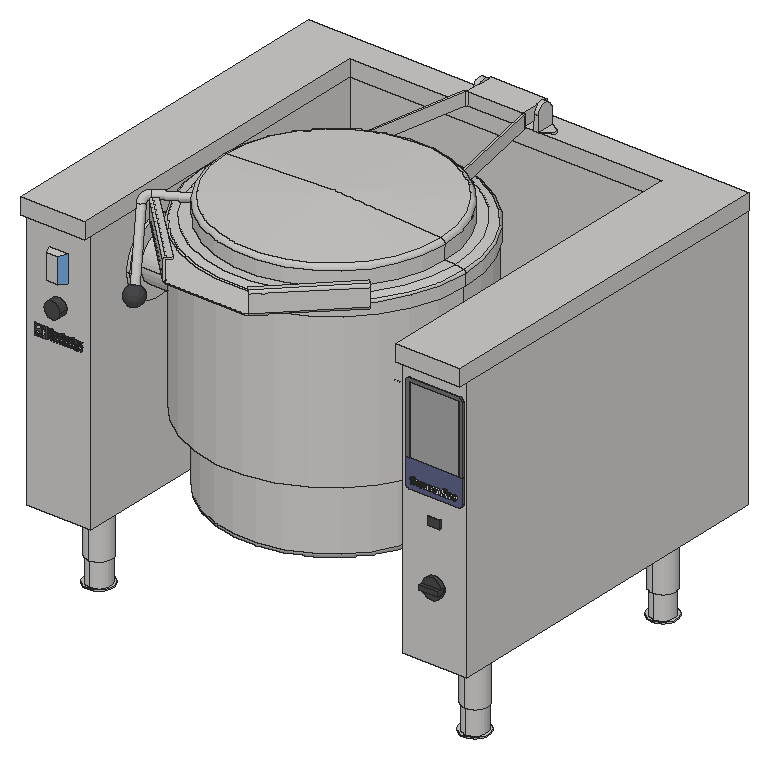
Revit family "QF_ELECTROLUXPROFESSIONAL_587156_PBOT06RCIO", category Attrezzature speciali, Revit 2020
Family settings
  Quota connettore circolare = Usa diametro
  Tipo di parte = Normale
  Basato su piano di lavoro = No
  Sempre verticale = Sì
  Taglio con vuoti quando caricato = No
  Condiviso = No
  Punto di calcolo locali = No
Parameters (values of type "Standard")
  Weight = 200.00 kg
  Watts = 12500 W
  Volts = 440 V
  URL Manufacturer = "https://www.electroluxprofessional.com/"
  URL = "https://www.electroluxprofessional.com/"
  Steam Supply Size = 0 mm
  Steam Supply Minimum Pressure = 0.0 Pa
  Steam Supply Maximum Pressure = 0.0 Pa
  Steam Consumption per Hour = 0
  Refrigeration Suction Line Size = 0.0 mm
  Refrigeration Liquid Line Size = 0.0 mm
  Refrigerant Compressor Remote = yes
  Prospetto di default = 0.0 mm
  Produttore = "Electrolux Professional"
  Phase = 3
  Modello = "PBOT06RCIO"
  Length Actual = 1100.0 mm  # constant formula
  Item Number = "587156"
  Hot Water Size = 12.7 mm
  Height Actual = 700.0 mm  # constant formula
  HP = "16.8 HP"
  Gas Size = 0 mm
  Gas KW = 0
  Gas Input Pressure = 0 W
  Direct Waste Size = 0 mm
  Descrizione = "ELECTRIC BOILING PAN, PREARR. FOR STIRRER, TILTING,60LT,FS,440V,MARINE"
  Depth Actual = 900.0 mm  # constant formula
  Cycle = 50 Hz
  Condensate Return Size = 0 mm
  Compressed Air Volume = 0.0 L/s
  Compressed Air Size = 0 mm
  Compressed Air Pressure = 0.0 Pa
  Cold Water Size = 12.7 mm
  Accessory = yes
Reference planes
  plane 1 "Center (Front/Back)": y = 0
  plane 2: z = 0
  plane 3 "Center (Left/Right)": x = 0
  plane 4 "LEFT": x = -550
  plane 5 "RIGHT": x = 550
  plane 6 "BACK": y = 450
  plane 7 "FRONT": y = -450
  plane 8 "Base": z = 200
  plane 9 "TOP": z = 900
  plane 10: x = -390
  plane 11: x = 390
  plane 12 "Axe_PentolaY": y = -230
  plane 13 "AxePentolaZ": z = 730
  plane 14 "PLANE_TOP": z = 860
  plane 15: y = 380
  plane 16: x = -324.5
  plane 17: z = 880
  plane 18: z = 495
  plane 19: z = 295
  plane 20: x = -278.5
  plane 21: y = -558
  plane 22 "CentroPentolaY": y = -158
  plane 23 "TopCoperchio": z = 981
  plane 24 "Versamento": z = 910
  plane 25 "V1": through (-107.18, -558, 4000) normal (-0.7071, -0.7071, 0)
  plane 26 "V2": through (107.18, -558, 4000) normal (-0.7071, 0.7071, 0)
  plane 27 "Gfront": y = -1300
  plane 28 "LEVEL": through (-245.562, -289.383, 4000) normal (0.866, 0.5, 0)
  plane 29 "GRight": x = 250
  plane 30 "GLeft": x = -250
  plane 31 "Gback": y = -100
  plane 32: z = 1756
  plane 33 "Ribaltamento": y = -623
  plane 34: x = -470
  plane 35: x = 470
Forms (mm)
  Revolve 1, solid, material "QF_Finishes_Stainless Steel"
    sketch origin (0, 0, 730) x (-1, 0, 0) y (0, -1, 0)
      loop
        line (390, 230) -> (-390, 230) -> (-390, 140) -> (-380, 140) -> (-380, 173) -> (380, 173) -> (380, 140) -> (390, 140) -> (390, 230)
      axis (390, 230) -> (-390, 230)
    angle from 0 to 360
  Extrusion 2, solid, material "QF_Finishes_Stainless Steel"
    sketch origin (0, 0, 860) x (-1, 0, 0) y (0, -1, 0)
      loop
        line (550, 450) -> (390, 450) -> (390, -380) -> (-390, -380) -> (-390, 450) -> (-550, 450) -> (-550, -450) -> (550, -450) -> (550, 450)
    from 0 to 40
  Extrusion 3, solid, material "QF_Finishes_Stainless Steel"
    sketch origin (0, 0, 860) x (-1, 0, 0) y (0, -1, 0)
      loop
        line (390, -380) -> (-390, -380) -> (-390, -450) -> (390, -450) -> (390, -380)
    from 0 to -360
  Revolve 4, solid, material "QF_Finishes_Stainless Steel"
    sketch origin (0, -158, 0) x (-1, 0, 0) y (0, 0, 1)
      loop
        line (0, 880) -> (0, 295)
        arc (0, 295) -> (134.311, 298.607) -> (268.234, 309.425) r 2500
        arc (268.234, 309.425) -> (275.557, 313.176) -> (278.5, 320.859) r 11.5
        line (278.5, 320.859) -> (278.5, 495) -> (324.5, 495) -> (324.5, 880) -> (0, 880)
      axis (0, 880) -> (0, 295)
    angle from 0 to 360
  Revolve 5, solid, material "QF_Finishes_Stainless Steel"
    sketch origin (0, -158, 0) x (-1, 0, 0) y (0, 0, 1)
      loop
        line (329.5, 880) -> (329.5, 908.417)
        arc (329.5, 908.417) -> (328.283, 912.04) -> (325.126, 914.193) r 6
        line (325.126, 914.193) -> (304.5, 920) -> (278.5, 920) -> (278.5, 954.728)
        arc (278.5, 954.728) -> (275.569, 962.398) -> (268.269, 966.158) r 11.5
        arc (268.269, 966.158) -> (134.339, 977.287) -> (0, 981) r 2431.82
        line (0, 981) -> (0, 880) -> (329.5, 880)
      axis (0, 981) -> (0, 880)
    angle from 0 to 360
  Extrusion 6, solid, material "QF_Finishes_Stainless Steel"
    sketch origin (0, 0, 910) x (-1, 0, 0) y (0, -1, 0)
      loop
        line (252.412, 369.799) -> (271.162, 385.532) -> (98.694, 558) -> (-98.694, 558) -> (-102.937, 553.757) -> (-271.162, 385.532) -> (-252.412, 369.799)
        arc (-252.412, 369.799) -> (0, 487.5) -> (252.412, 369.799) r 329.5
    from 0 to 3
  Sweep 7, solid, material "QF_Finishes_Stainless Steel"
    path origin (0, 0, 910) x (-1, 0, 0) y (0, -1, 0)
      loop
        line (107.18, 558) -> (275.776, 389.404)
    profile origin (-191.478, -473.702, 910) x (-0.707107, -0.707107, 0) y (0, 0, 1)
      loop
        arc (-6, 0) -> (-1.757, 1.757) -> (0, 6) r 6
        line (0, 6) -> (0, 50)
        arc (0, 50) -> (-1.757, 54.243) -> (-6, 56) r 6
        line (-6, 56) -> (-19, 56) -> (-19, 53) -> (-6, 53)
        arc (-6, 53) -> (-3.879, 52.121) -> (-3, 50) r 3
        line (-3, 50) -> (-3, 6)
        arc (-3, 6) -> (-3.879, 3.879) -> (-6, 3) r 3
        line (-6, 3) -> (-19, 3) -> (-19, 0) -> (-6, 0)
  Sweep 8, solid, material "QF_Finishes_Stainless Steel"
    path origin (0, 0, 910) x (-1, 0, 0) y (0, -1, 0)
      loop
        line (-107.18, 558) -> (-275.776, 389.404)
    profile origin (191.478, -473.702, 910) x (-0.707107, 0.707107, 0) y (0, 0, 1)
      loop
        arc (0, 6) -> (1.757, 1.757) -> (6, 0) r 6
        line (6, 0) -> (19, 0) -> (19, 3) -> (6, 3)
        arc (6, 3) -> (3.879, 3.879) -> (3, 6) r 3
        line (3, 6) -> (3, 50)
        arc (3, 50) -> (3.879, 52.121) -> (6, 53) r 3
        line (6, 53) -> (19, 53) -> (19, 56) -> (6, 56)
        arc (6, 56) -> (1.757, 54.243) -> (0, 50) r 6
        line (0, 50) -> (0, 6)
  Extrusion 9, solid, material "QF_Finishes_Stainless Steel"
    sketch origin (0, 0, 0) x (0, 1, 0) y (0, 0, 1)
      loop
        line (420, 900) -> (420, 938.813)
        arc (420, 938.813) -> (400, 958.813) -> (380, 938.813) r 20
        line (380, 938.813) -> (380, 900) -> (420, 900)
    from -70 to -82
  Extrusion 10, solid, material "QF_Finishes_Stainless Steel"
    sketch origin (0, 0, 900) x (0, 1, 0) y (-1, 0, 0)
      loop
        arc (340.954, 71.665) -> (343.858, 69.937) -> (345, 66.757) r 5
        line (345, 66.757) -> (345, -66.757)
        arc (345, -66.757) -> (343.858, -69.937) -> (340.954, -71.665) r 5
        line (340.954, -71.665) -> (93.426, -119.779)
        arc (93.426, -119.779) -> (92.062, -122.602) -> (90.666, -125.409) r 278.5
        line (90.666, -125.409) -> (341.908, -76.573)
        arc (341.908, -76.573) -> (346.566, -74.299) -> (349.459, -70) r 10
        line (349.459, -70) -> (420, -70) -> (420, 70) -> (349.459, 70)
        arc (349.459, 70) -> (346.566, 74.299) -> (341.908, 76.573) r 10
        line (341.908, 76.573) -> (90.666, 125.409)
        arc (90.666, 125.409) -> (92.062, 122.602) -> (93.426, 119.779) r 278.5
        line (93.426, 119.779) -> (340.954, 71.665)
    from 23.419 to 54.644
  Extrusion 11, solid, material "QF_Finishes_Stainless Steel"
    sketch origin (0, 0, 0) x (0, 1, 0) y (0, 0, 1)
      loop
        line (420, 900) -> (420, 938.813)
        arc (420, 938.813) -> (400, 958.813) -> (380, 938.813) r 20
        line (380, 938.813) -> (380, 900) -> (420, 900)
    from 70 to 82
  Extrusion 12, solid, material "QF_Finishes_Stainless Steel"
    sketch origin (0, 0, 900) x (0, 1, 0) y (-1, 0, 0)
      loop
        arc (391.973, -103.927) -> (400, -108.689) -> (408.027, -103.927) r 9.146
        line (408.027, -103.927) -> (420, -82) -> (380, -82) -> (391.973, -103.927)
      loop
        line (391.973, 103.927) -> (380, 82) -> (420, 82) -> (408.027, 103.927)
        arc (408.027, 103.927) -> (400, 108.689) -> (391.973, 103.927) r 9.146
    from 0 to 3
  Extrusion 13, solid, material "QF_Door-Drawer Clearances", detail levels coarse
    sketch origin (0, 0, 0) x (0, 1, 0) y (0, 0, 1)
      loop
        line (420, 954.644) -> (-100, 1756.433)
        arc (-100, 1756.433) -> (-429.239, 1419.298) -> (-558, 966) r 958.386
        line (-558, 966) -> (-427.491, 966)
        arc (-427.491, 966) -> (-426.775, 966.163) -> (-426.05, 966.281) r 12.073
        arc (-426.05, 966.281) -> (-158, 981) -> (110.05, 966.281) r 2448.189
        arc (110.05, 966.281) -> (117.432, 962.392) -> (120.529, 954.644) r 12.073
        line (120.529, 954.644) -> (420, 954.644)
    from -125 to 125
  Extrusion 14, solid, material "QF_Door-Drawer Clearances", detail levels coarse
    sketch origin (0, 0, 0) x (0, 1, 0) y (0, 0, 1)
      loop
        arc (-558, 946.483) -> (-618.885, 673.279) -> (-482.5, 428.848) r 393
        line (-482.5, 428.848) -> (-482.5, 880) -> (-487.5, 880) -> (-487.5, 910) -> (-553.757, 910)
        spline (-553.757, 910) -> (-554.311, 910.051) -> (-554.855, 910.204) -> (-555.381, 910.457) -> (-555.879, 910.804) -> (-556.34, 911.24) -> (-556.757, 911.757) -> (-557.123, 912.347) -> (-557.432, 913) -> (-557.677, 913.704) -> (-557.855, 914.447) -> (-557.964, 915.217) -> (-558, 916)
        line (-558, 916) -> (-558, 946.483)
    from -100 to 100
Cuts and joins
  joined: Extrusion 6, Sweep 7, Sweep 8
Lines and regions (mm)
  symbolic lines
    curve 1: line (550, 450, 900) -> (-550, 450, 900)
    curve 2: line (550, -450, 900) -> (550, 450, 900)
    curve 3: line (-550, 450, 900) -> (-550, -450, 900)
    curve 4: line (-550, -450, 900) -> (-390, -450, 900)
    curve 5: line (-390, -450, 900) -> (-390, 380, 900)
    curve 6: line (390, 380, 900) -> (390, -450, 900)
    curve 7: line (390, -450, 900) -> (550, -450, 900)
    curve 8: line (380, -140, 900) -> (380, -320, 900)
    curve 9: line (-380, -140, 900) -> (-380, -320, 900)
    curve 10: arc (329.5, -158, 900) -> (0, 171.5, 900) -> (-329.5, -158, 900) r 329.5
    curve 11: arc (-280.749, -330.483, 900) -> (285.355, 6.75, 900) -> (-289.749, -314.894, 900) r 329.5
    curve 12: circle (0, -158, 900) r 278.5 normal (0, 0, 1)
    curve 13: arc (-259.09, -317.978, 900) -> (263.705, -5.75, 900) -> (-268.09, -302.389, 900) r 304.5
    curve 14: line (-380, -140, 900) -> (-390, -140, 900)
    curve 15: line (-380, -320, 900) -> (-390, -320, 900)
    curve 16: line (380, -140, 900) -> (390, -140, 900)
    curve 17: line (380, -320, 900) -> (390, -320, 900)
    curve 18: line (-70, 349.459, 900) -> (-70, 420, 900)
    curve 19: line (-82, 420, 900) -> (82, 420, 900)
    curve 20: line (70, 420, 900) -> (70, 349.459, 900)
    curve 21: line (-119.779, 93.426, 900) -> (-71.665, 340.954, 900)
    curve 22: line (-76.573, 341.908, 900) -> (-125.409, 90.666, 900)
    curve 23: line (71.665, 340.954, 900) -> (119.779, 93.426, 900)
    curve 24: line (-66.757, 345, 900) -> (66.757, 345, 900)
    curve 25: line (125.409, 90.666, 900) -> (76.573, 341.908, 900)
    curve 26: arc (-70, 349.459, 900) -> (-74.299, 346.566, 900) -> (-76.573, 341.908, 900) r 10
    curve 27: arc (-71.665, 340.954, 900) -> (-69.937, 343.858, 900) -> (-66.757, 345, 900) r 5
    curve 28: arc (66.757, 345, 900) -> (69.937, 343.858, 900) -> (71.665, 340.954, 900) r 5
    curve 29: arc (76.573, 341.908, 900) -> (74.299, 346.566, 900) -> (70, 349.459, 900) r 10
    curve 30: line (107.18, -558, 900) -> (-107.18, -558, 900)
    curve 31: line (-107.18, -558, 900) -> (-275.776, -389.404, 900)
    curve 32: line (-275.776, -389.404, 900) -> (-262.341, -375.969, 900)
    curve 33: line (-262.341, -375.969, 900) -> (-93.745, -544.565, 900)
    curve 34: line (-93.745, -544.565, 900) -> (-107.18, -558, 900)
    curve 35: line (107.18, -558, 900) -> (93.745, -544.565, 900)
    curve 36: line (93.745, -544.565, 900) -> (262.341, -375.969, 900)
    curve 37: line (262.341, -375.969, 900) -> (275.776, -389.404, 900)
    curve 38: line (275.776, -389.404, 900) -> (107.18, -558, 900)
    curve 39: line (261.166, -377.144, 900) -> (252.412, -369.799, 900)
    curve 40: line (-261.166, -377.144, 900) -> (-252.412, -369.799, 900)
    curve 41: line (-103.927, 391.973, 900) -> (-82, 380, 900)
    curve 42: arc (-103.927, 408.027, 900) -> (-108.689, 400, 900) -> (-103.927, 391.973, 900) r 9.146
    curve 43: line (-82, 420, 900) -> (-103.927, 408.027, 900)
    curve 44: line (-82, 420, 900) -> (-82, 380, 900)
    curve 45: line (82, 380, 900) -> (82, 420, 900)
    curve 46: line (103.927, 408.027, 900) -> (82, 420, 900)
    curve 47: arc (103.927, 391.973, 900) -> (108.689, 400, 900) -> (103.927, 408.027, 900) r 9.146
    curve 48: line (82, 380, 900) -> (103.927, 391.973, 900)
    curve 54: line (-390, 380, 900) -> (-70, 380, 900)
    curve 55: line (390, 380, 900) -> (70, 380, 900)
    curve 56: line (-380, -172.761, 900) -> (-329.169, -172.761, 900)
    curve 57: line (-380, -286.868, 900) -> (-303.254, -286.868, 900)
    curve 58: line (380, -172.761, 900) -> (329.169, -172.761, 900)
    curve 59: line (380, -286.868, 900) -> (303.254, -286.868, 900)
  symbolic lines, style "SpecialityEquipmentHiddenLines"
    curve 49: line (-250, -1300, 900) -> (250, -1300, 900)
    curve 50: line (-250, -100, 900) -> (-250, -1300, 900)
    curve 51: line (250, -100, 900) -> (-250, -100, 900)
    curve 52: line (250, -1300, 900) -> (250, -100, 900)
    curve 76: line (0, -1165.484, 900) -> (0, -1135.484, 900)
    curve 77: line (-15, -1150.484, 900) -> (15, -1150.484, 900)
  symbolic lines, style "SpecialityEquipment"
    curve 53: circle (0, -1150.484, 900) r 15 normal (0, 0, 1)
    curve 60: line (210, -1300, 900) -> (210, -1100, 900)
    curve 61: line (170, -1300, 900) -> (170, -1140, 900)
    curve 62: line (130, -1300, 900) -> (130, -1180, 900)
    curve 63: line (90, -1300, 900) -> (90, -1220, 900)
    curve 64: line (90, -1260, 900) -> (250, -1260, 900)
    curve 65: line (130, -1220, 900) -> (250, -1220, 900)
    curve 66: line (170, -1180, 900) -> (250, -1180, 900)
    curve 67: line (210, -1140, 900) -> (250, -1140, 900)
    curve 68: line (-210, -1300, 900) -> (-210, -1100, 900)
    curve 69: line (-170, -1300, 900) -> (-170, -1140, 900)
    curve 70: line (-130, -1300, 900) -> (-130, -1180, 900)
    curve 71: line (-90, -1300, 900) -> (-90, -1220, 900)
    curve 72: line (-90, -1260, 900) -> (-250, -1260, 900)
    curve 73: line (-130, -1220, 900) -> (-250, -1220, 900)
    curve 74: line (-170, -1180, 900) -> (-250, -1180, 900)
    curve 75: line (-210, -1140, 900) -> (-250, -1140, 900)
Dimensions and locks
  plane 4 "LEFT" to plane 5 "RIGHT" = 1100.0 mm
  equal spacing: plane 4 "LEFT", plane 3 "Center (Left/Right)", plane 5 "RIGHT"
  equal spacing: plane 6 "BACK", plane 1 "Center (Front/Back)", plane 7 "FRONT"
  plane 6 "BACK" to plane 7 "FRONT" = 900.0 mm
  plane 8 "Base" to level = 200.0 mm
  plane 9 "TOP" to level = 900.0 mm
  plane 9 "TOP" to plane 8 "Base" = 700.0 mm
  locked: plane 4 "LEFT" to plane 10 at 160
  locked: plane 11 to plane 5 "RIGHT" at 160
  locked: plane 6 "BACK" to plane 12 "Axe_PentolaY" at 680
  locked: plane 13 "AxePentolaZ" to plane 8 "Base" at 530
  locked: Revolve 1 sketch curve to Revolve 1 sketch curve at 57
  locked: Revolve 1 sketch curve to Revolve 1 sketch curve at 90
  locked: plane 10 to Revolve 1 sketch curve at 10
  locked: Revolve 1 sketch curve to plane 11 at 10
  locked: plane 9 "TOP" to plane 14 "PLANE_TOP" at 40
  plane 6 "BACK" to plane 15 = 70.0 mm
  locked: plane 17 to plane 13 "AxePentolaZ" at 150
  locked: plane 13 "AxePentolaZ" to plane 18 at 235
  locked: plane 18 to plane 19 at 200
  locked: plane 3 "Center (Left/Right)" to plane 16 at 324.5
  locked: plane 3 "Center (Left/Right)" to plane 20 at 278.5
  Revolve 5 sketch curve to plane 17 = 40.0 mm
  locked: plane 16 to Revolve 5 sketch curve at 5
  plane 6 "BACK" to plane 21 = 1008.0 mm
  locked: plane 6 "BACK" to plane 22 "CentroPentolaY" at 608
  locked: plane 23 "TopCoperchio" to plane 9 "TOP" at 81
  locked: plane 24 "Versamento" to level at 910
  plane 6 "BACK" to plane 27 "Gfront" = 1750.0 mm
  locked: plane 30 "GLeft" to plane 3 "Center (Left/Right)" at 250
  locked: plane 3 "Center (Left/Right)" to plane 29 "GRight" at 250
  plane 6 "BACK" to plane 31 "Gback" = 550.0 mm
  plane 32 to plane 9 "TOP" = 856.0 mm
  plane 6 "BACK" to plane 33 "Ribaltamento" = 1073.0 mm
  equal spacing: plane 10, plane 34, plane 4 "LEFT"
  equal spacing: plane 5 "RIGHT", plane 35, plane 11
  aligned and locked: level to plane 2
  aligned and locked: plane 5 "RIGHT" to nested 2
  aligned and locked: plane 4 "LEFT" to nested 1
  aligned and locked: plane 8 "Base" to nested 1
  aligned and locked: plane 8 "Base" to nested 2
  aligned and locked: plane 6 "BACK" to nested 2
  aligned and locked: plane 6 "BACK" to nested 1
  aligned and locked: plane 10 to Revolve 1 sketch curve
  aligned and locked: plane 11 to Revolve 1 sketch curve
  aligned and locked: plane 4 "LEFT" to Extrusion 2 sketch curve
  aligned and locked: Extrusion 2 sketch curve to plane 10
  aligned and locked: plane 7 "FRONT" to Extrusion 2 sketch curve  (x2)
  aligned and locked: Extrusion 2 sketch curve to plane 5 "RIGHT"
  aligned and locked: plane 11 to Extrusion 2 sketch curve
  aligned and locked: Extrusion 2 sketch curve to plane 6 "BACK"
  aligned and locked: plane 15 to Extrusion 2 sketch curve
  aligned and locked: Extrusion 3 sketch curve to plane 10
  aligned and locked: plane 6 "BACK" to Extrusion 3 sketch curve
  aligned and locked: plane 11 to Extrusion 3 sketch curve
  aligned and locked: Extrusion 3 sketch curve to plane 15
  aligned and locked: plane 3 "Center (Left/Right)" to Revolve 4 sketch curve
  aligned and locked: Revolve 4 sketch curve to plane 20
  aligned and locked: Revolve 4 sketch curve to plane 18
  aligned and locked: Revolve 4 sketch curve to plane 16
  aligned and locked: plane 17 to Revolve 4 sketch curve
  aligned and locked: Revolve 5 sketch curve to plane 17
  aligned and locked: Extrusion 9 sketch curve to plane 15
  aligned and locked: Extrusion 9 sketch curve to Extrusion 2
  aligned and locked: curve 49 to plane 27 "Gfront"
  aligned and locked: curve 50 to plane 30 "GLeft"
  aligned and locked: plane 29 "GRight" to curve 52
  aligned and locked: plane 31 "Gback" to curve 51
  aligned and locked: plane 34 to nested 3
  aligned and locked: plane 35 to nested 4
Automatic sketch dimensions
  Revolve 1 sketch curve to plane 12 "Axe_PentolaY" = 0.0 mm  (x2)
  plane 22 "CentroPentolaY" to Revolve 1 sketch curve = 18.0 mm
  plane 5 "RIGHT" to Revolve 1 sketch curve = 432.098 mm
  Revolve 1 sketch curve to plane 4 "LEFT" = 580.148 mm
  Revolve 4 sketch curve to plane 3 "Center (Left/Right)" = 0.0 mm
  Revolve 4 sketch curve to plane 19 = 0.0 mm
  Revolve 4 sketch curve to plane 3 "Center (Left/Right)" = 0.059 mm
  Revolve 4 sketch curve to Revolve 4 sketch curve = 11.5 mm
  plane 19 to Revolve 4 sketch curve = 25.859 mm
  plane 23 "TopCoperchio" to Revolve 4 sketch curve = 1814.0 mm
  level to Revolve 4 sketch curve = 60.0 mm
  plane 23 "TopCoperchio" to Revolve 4 sketch curve = 179.0 mm
  Revolve 5 sketch curve to plane 3 "Center (Left/Right)" = 0.0 mm  (x2)
  plane 20 to Revolve 5 sketch curve = 0.0 mm
  Revolve 5 sketch curve to plane 23 "TopCoperchio" = 0.0 mm
  Revolve 5 sketch curve to Revolve 5 sketch curve = 11.5 mm
  plane 16 to Revolve 5 sketch curve = 20.0 mm
  plane 16 to Revolve 5 sketch curve = 1.0 mm
  Revolve 5 sketch curve to plane 16 = 0.626 mm
  Revolve 5 sketch curve to level = 1450.82 mm
  Revolve 5 sketch curve to plane 24 "Versamento" = 1.583 mm
  Revolve 5 sketch curve to plane 23 "TopCoperchio" = 26.272 mm
  Revolve 5 sketch curve to plane 18 = 95.0 mm
  plane 23 "TopCoperchio" to Revolve 5 sketch curve = 179.0 mm
  Sweep 7 sketch curve to plane 21 = 0.0 mm
  plane 25 "V1" to Sweep 7 sketch curve = 0.0 mm  (x2)
  plane 20 to Sweep 7 sketch curve = 2.724 mm
  Sweep 7 sketch curve to Sweep 7 sketch curve = 0.0 mm  (x4)
  plane 24 "Versamento" to Sweep 7 sketch curve = 0.0 mm
  Sweep 7 sketch curve to profile plane = 0.0 mm
  Sweep 7 sketch curve to Sweep 7 sketch curve = 3.0 mm  (x3)
  Sweep 7 sketch curve to Sweep 7 sketch curve = 13.0 mm  (x2)
  Sweep 7 sketch curve to Sweep 7 sketch curve = 44.0 mm
  Sweep 8 sketch curve to plane 26 "V2" = 0.0 mm  (x2)
  Sweep 8 sketch curve to plane 21 = 0.0 mm
  plane 29 "GRight" to Sweep 8 sketch curve = 25.776 mm
  Sweep 8 sketch curve to Sweep 8 sketch curve = 0.0 mm  (x4)
  Sweep 8 sketch curve to profile plane = 0.0 mm
  plane 24 "Versamento" to Sweep 8 sketch curve = 0.0 mm
  Sweep 8 sketch curve to Sweep 8 sketch curve = 3.0 mm  (x2)
  Sweep 8 sketch curve to profile plane = 6.0 mm
  Sweep 8 sketch curve to Sweep 8 sketch curve = 13.0 mm  (x2)
  Sweep 8 sketch curve to Sweep 8 sketch curve = 44.0 mm
  plane 15 to Extrusion 9 sketch curve = 20.0 mm
  plane 24 "Versamento" to Extrusion 9 sketch curve = 28.813 mm
  Extrusion 10 sketch curve to Extrusion 10 sketch curve = 0.0 mm  (x6)
  Extrusion 10 sketch curve to plane 3 "Center (Left/Right)" = 0.0 mm
  Extrusion 10 sketch curve to plane 22 "CentroPentolaY" = 0.0 mm
  Extrusion 10 sketch curve to plane 1 "Center (Front/Back)" = 90.666 mm  (x2)
  Extrusion 10 sketch curve to Extrusion 10 sketch curve = 2.76 mm  (x2)
  Extrusion 10 sketch curve to plane 15 = 40.0 mm  (x2)
  Extrusion 10 sketch curve to Extrusion 10 sketch curve = 0.954 mm  (x4)
  Extrusion 10 sketch curve to Extrusion 10 sketch curve = 5.0 mm
  Extrusion 10 sketch curve to Extrusion 10 sketch curve = 4.459 mm  (x2)
  Extrusion 10 sketch curve to plane 6 "BACK" = 30.0 mm
  plane 3 "Center (Left/Right)" to Extrusion 10 sketch curve = 66.757 mm
  plane 3 "Center (Left/Right)" to Extrusion 10 sketch curve = 70.0 mm
  plane 3 "Center (Left/Right)" to Extrusion 10 sketch curve = 119.779 mm
  Extrusion 10 sketch curve to plane 3 "Center (Left/Right)" = 66.757 mm
  Extrusion 10 sketch curve to Extrusion 10 sketch curve = 3.243 mm
  Extrusion 10 sketch curve to plane 3 "Center (Left/Right)" = 119.779 mm
  Extrusion 11 sketch curve to plane 9 "TOP" = 0.0 mm
  Extrusion 11 sketch curve to plane 15 = 0.0 mm
  plane 15 to Extrusion 11 sketch curve = 20.0 mm
  plane 24 "Versamento" to Extrusion 11 sketch curve = 28.813 mm
  Extrusion 12 sketch curve to plane 15 = 0.0 mm  (x2)
  plane 15 to Extrusion 12 sketch curve = 11.973 mm  (x2)
  Extrusion 12 sketch curve to Extrusion 12 sketch curve = 8.027 mm  (x4)
  Extrusion 12 sketch curve to Extrusion 12 sketch curve = 11.973 mm  (x2)
  plane 3 "Center (Left/Right)" to Extrusion 12 sketch curve = 103.927 mm
  Extrusion 12 sketch curve to Extrusion 12 sketch curve = 4.383 mm  (x2)
  Extrusion 12 sketch curve to Extrusion 12 sketch curve = 21.927 mm
  Extrusion 12 sketch curve to plane 3 "Center (Left/Right)" = 82.0 mm
  Extrusion 12 sketch curve to Extrusion 12 sketch curve = 17.543 mm
  Extrusion 13 sketch curve to plane 22 "CentroPentolaY" = 0.0 mm
  Extrusion 13 sketch curve to plane 31 "Gback" = 0.0 mm
  plane 7 "FRONT" to Extrusion 13 sketch curve = 22.509 mm
  Extrusion 13 sketch curve to Extrusion 13 sketch curve = 3.031 mm
  Extrusion 13 sketch curve to plane 23 "TopCoperchio" = 26.686 mm
  Extrusion 13 sketch curve to plane 1 "Center (Front/Back)" = 108.46 mm
  Extrusion 13 sketch curve to Extrusion 13 sketch curve = 12.068 mm
  Extrusion 13 sketch curve to level = 1467.189 mm
  Extrusion 13 sketch curve to Extrusion 13 sketch curve = 11.686 mm
  Extrusion 13 sketch curve to Extrusion 13 sketch curve = 1.441 mm
  plane 32 to Extrusion 13 sketch curve = 0.433 mm
  Extrusion 13 sketch curve to plane 21 = 0.0 mm
  plane 15 to Extrusion 13 sketch curve = 20.0 mm
  Extrusion 13 sketch curve to Extrusion 13 sketch curve = 20.0 mm
  Extrusion 13 sketch curve to Extrusion 13 sketch curve = 15.501 mm
  Extrusion 13 sketch curve to Extrusion 13 sketch curve = 0.331 mm
  Extrusion 14 sketch curve to plane 21 = 0.0 mm
  Extrusion 14 sketch curve to plane 24 "Versamento" = 0.0 mm
  Extrusion 14 sketch curve to plane 17 = 0.0 mm
  Extrusion 14 sketch curve to plane 12 "Axe_PentolaY" = 0.0 mm
  Extrusion 14 sketch curve to plane 13 "AxePentolaZ" = 0.0 mm
  Extrusion 14 sketch curve to plane 7 "FRONT" = 37.5 mm
  Extrusion 14 sketch curve to plane 7 "FRONT" = 32.5 mm
  Extrusion 14 sketch curve to plane 18 = 66.152 mm
  plane 21 to Extrusion 14 sketch curve = 4.243 mm
  Extrusion 14 sketch curve to Extrusion 14 sketch curve = 4.243 mm
  plane 24 "Versamento" to Extrusion 14 sketch curve = 6.0 mm
  Extrusion 14 sketch curve to Extrusion 14 sketch curve = 0.0 mm
  Extrusion 6 sketch curve to plane 3 "Center (Left/Right)" = 0.0 mm
  Extrusion 6 sketch curve to plane 21 = 0.0 mm
  Extrusion 6 sketch curve to plane 22 "CentroPentolaY" = 0.0 mm
  plane 3 "Center (Left/Right)" to Extrusion 6 sketch curve = 98.694 mm
  plane 21 to Extrusion 6 sketch curve = 4.243 mm
  Extrusion 6 sketch curve to Extrusion 6 sketch curve = 4.243 mm
  plane 29 "GRight" to Extrusion 6 sketch curve = 2.412 mm
  plane 29 "GRight" to Extrusion 6 sketch curve = 21.162 mm
  Extrusion 6 sketch curve to plane 30 "GLeft" = 2.412 mm
  plane 20 to Extrusion 6 sketch curve = 7.338 mm
  plane 7 "FRONT" to Extrusion 6 sketch curve = 80.201 mm
  Extrusion 6 sketch curve to Extrusion 6 sketch curve = 15.734 mm  (x2)
  Extrusion 6 sketch curve to plane 3 "Center (Left/Right)" = 98.694 mm
  curve 10 to curve 11 = 0.0 mm  (x4)
  curve 10 to curve 12 = 0.0 mm  (x3)
  curve 10 to curve 13 = 0.0 mm  (x4)
  curve 26 to curve 27 = 0.0 mm  (x2)
  curve 28 to curve 29 = 0.0 mm  (x2)
  curve 76 to plane 3 "Center (Left/Right)" = 0.0 mm
  curve 53 to plane 3 "Center (Left/Right)" = 0.0 mm
  curve 35 to plane 21 = 0.0 mm
  curve 5 to plane 7 "FRONT" = 0.0 mm
  curve 7 to plane 5 "RIGHT" = 0.0 mm
  curve 7 to plane 7 "FRONT" = 0.0 mm
  plane 25 "V1" to curve 32 = 0.0 mm
  curve 38 to plane 26 "V2" = 0.0 mm  (x2)
  curve 17 to plane 11 = 0.0 mm
  curve 15 to plane 10 = 0.0 mm
  curve 55 to plane 15 = 0.0 mm
  curve 54 to plane 15 = 0.0 mm
  curve 2 to plane 6 "BACK" = 0.0 mm
  plane 25 "V1" to curve 31 = 0.0 mm
  curve 3 to plane 4 "LEFT" = 0.0 mm
  plane 27 "Gfront" to curve 53 = 149.516 mm
  plane 21 to curve 33 = 13.435 mm
  plane 21 to curve 35 = 13.435 mm
  plane 20 to curve 32 = 2.724 mm
  plane 29 "GRight" to curve 38 = 25.776 mm
  plane 10 to curve 9 = 10.0 mm
  curve 9 to plane 12 "Axe_PentolaY" = 90.0 mm
  curve 8 to plane 11 = 10.0 mm
  curve 8 to plane 12 "Axe_PentolaY" = 90.0 mm
  plane 22 "CentroPentolaY" to curve 8 = 18.0 mm
  plane 22 "CentroPentolaY" to curve 14 = 18.0 mm
  curve 26 to plane 15 = 40.0 mm
  curve 28 to plane 15 = 40.0 mm
  curve 26 to curve 21 = 0.954 mm
  curve 28 to curve 23 = 0.954 mm
  curve 27 to curve 22 = 0.954 mm
  curve 28 to curve 25 = 0.954 mm
  curve 26 to curve 24 = 5.0 mm
  curve 24 to curve 20 = 4.459 mm
  curve 27 to curve 18 = 4.459 mm
  plane 15 to curve 48 = 11.973 mm
  plane 15 to curve 41 = 11.973 mm
  curve 42 to curve 42 = 8.027 mm
  curve 48 to curve 47 = 8.027 mm
  curve 42 to curve 43 = 8.027 mm
  curve 47 to curve 46 = 8.027 mm
  curve 43 to curve 43 = 11.973 mm
  plane 3 "Center (Left/Right)" to curve 48 = 103.927 mm
  curve 46 to curve 47 = 4.383 mm
  curve 46 to curve 45 = 21.927 mm
  curve 45 to curve 25 = 5.427 mm
  curve 25 to curve 23 = 4.908 mm
  curve 26 to plane 3 "Center (Left/Right)" = 66.757 mm
  curve 27 to curve 18 = 3.243 mm
  curve 18 to curve 44 = 12.0 mm
  curve 19 to curve 42 = 17.543 mm
  curve 42 to curve 41 = 4.383 mm
  curve 71 to curve 72 = 40.0 mm
  curve 63 to curve 64 = 40.0 mm
  curve 72 to curve 73 = 40.0 mm
  curve 64 to curve 65 = 40.0 mm
  curve 63 to curve 65 = 0.0 mm
  curve 73 to curve 71 = 0.0 mm
  curve 73 to curve 74 = 40.0 mm
  curve 65 to curve 62 = 40.0 mm
  curve 62 to curve 66 = 0.0 mm
  curve 74 to curve 70 = 0.0 mm
  curve 76 to curve 53 = 15.0 mm
  curve 77 to curve 53 = 0.0 mm
  curve 66 to curve 67 = 40.0 mm
  curve 74 to curve 75 = 40.0 mm
  curve 75 to curve 69 = 0.0 mm
  curve 61 to curve 67 = 0.0 mm
  curve 67 to curve 60 = 40.0 mm
  curve 75 to curve 68 = 40.0 mm
  curve 40 to plane 30 "GLeft" = 11.166 mm
  plane 29 "GRight" to curve 39 = 11.166 mm
  curve 40 to plane 30 "GLeft" = 2.412 mm
  curve 40 to curve 40 = 7.345 mm
  plane 29 "GRight" to curve 39 = 2.412 mm
  curve 11 to plane 20 = 2.249 mm
  curve 13 to plane 30 "GLeft" = 9.09 mm
  curve 11 to plane 20 = 11.249 mm
  plane 20 to curve 13 = 10.41 mm
  plane 29 "GRight" to curve 59 = 53.254 mm
  curve 9 to curve 57 = 33.132 mm
  curve 56 to plane 16 = 4.669 mm
  curve 58 to plane 22 "CentroPentolaY" = 14.761 mm
  curve 22 to plane 1 "Center (Front/Back)" = 90.666 mm
  curve 25 to plane 1 "Center (Front/Back)" = 90.666 mm
  curve 25 to curve 23 = 2.76 mm
  curve 22 to curve 21 = 2.76 mm
  curve 10 to curve 58 = 0.331 mm
  curve 67 to curve 67 = 40.0 mm
  curve 67 to curve 66 = 40.0 mm
  curve 61 to curve 62 = 40.0 mm
  plane 3 "Center (Left/Right)" to curve 25 = 125.409 mm
  curve 62 to curve 64 = 40.0 mm
  curve 71 to plane 3 "Center (Left/Right)" = 90.0 mm
  curve 71 to curve 73 = 40.0 mm
  curve 70 to curve 69 = 40.0 mm
  curve 68 to curve 49 = 40.0 mm
  curve 11 to curve 12 = 0.0 mm  (x2)
  curve 11 to curve 13 = 0.0 mm  (x2)
  curve 12 to curve 13 = 0.0 mm  (x2)
  curve 13 to plane 3 "Center (Left/Right)" = 0.0 mm
  curve 13 to plane 22 "CentroPentolaY" = 0.0 mm
  curve 11 to curve 13 = 12.505 mm
Nested families
  nested 1: "QF_ELECTROLUXPROFESSIONAL_PBOT900_LEFT" at (-470, 0, 0), type "QF_ELECTROLUXPROFESSIONAL_PBOT900_LEFT"
    with Body Finish QF_Finishes_Stainless Steel
  nested 2: "QF_ELECTROLUXPROFESSIONAL_PBOT900_RIGHT" at (470, 0, 0), type "QF_ELECTROLUXPROFESSIONAL_PBOT900_RIGHT"
    with Body Finish QF_Finishes_Stainless Steel
  nested 3: "QF_ELECTROLUXPROFESSIONAL_2FEET_THL_120xH200" at (-470, 0, 0), type "QF_ELECTROLUXPROFESSIONAL_2FEET_THL_120xH200"
  nested 4: "QF_ELECTROLUXPROFESSIONAL_2FEET_THL_120xH200" at (470, 0, 0), type "QF_ELECTROLUXPROFESSIONAL_2FEET_THL_120xH200"
  nested 5: "QF_ELECTROLUXPROFESSIONAL_PBOT900_LEVEL1" at (-241.188, -297.25, 940) x (0.866, 0.5, 0) z (0, 0, 1), type "QF_ELECTROLUXPROFESSIONAL_PBOT900_LEVEL1"
Connectors
  piping at (-500, 453, 395), diameter 12.7, driven by "Hot Water Size"
    settings: on nested 1, index 1, connector inside diameter 609.6 mm, connector length 0.0 mm, flow factor 0, pipe flow 0.0 L/s, pressure drop 0.0 Pa, fitting loss kfactor 0, connector angle 0.00°, fixture units 0, engagement length 0.0 mm, angle of deflection 0.00°, flow configuration 1, flow direction 1, fitting loss method 0, system type 19, joint type 0, gender type 0, connector reference index -1, connector utility 0, adjustable connector no, is connector primary yes, connector description "Hot Water Inlet"
  piping at (-440, 453, 395), diameter 12.7, driven by "Cold Water Size"
    settings: on nested 1, index 2, connector inside diameter 609.6 mm, connector length 0.0 mm, flow factor 0, pipe flow 0.0 L/s, pressure drop 0.0 Pa, fitting loss kfactor 0, connector angle 0.00°, fixture units 0, engagement length 0.0 mm, angle of deflection 0.00°, flow configuration 1, flow direction 1, fitting loss method 0, system type 20, joint type 0, gender type 0, connector reference index -1, connector utility 0, adjustable connector no, is connector primary no, connector description "Cold Water Inlet"
  electrical at (470, 450, 450), driven by "Volts"
    settings: on nested 2, index 3, voltage 440 V, apparent load 0 VA, apparent load phase1 0 VA, apparent load phase2 0 VA, apparent load phase3 0 VA, power factor 1, load classification "Other", number of poles 1, system type 30, power factor state 1, is connector primary yes, connector utility no, sub classification motor no, connector description "Electrical Connection"
Definition of nested family "QF_ELECTROLUXPROFESSIONAL_PBOT900_LEFT"
  Parameters
    Width = 160.0 mm
    Right = Width / 2  # 80.0 mm
    Default Elevation = 0.0 mm
    Left = -Width / 2  # -80.0 mm
    Htop = 40.0 mm
    Height = 900.0 mm
    HW_CW_y = 312.0 mm
    HW_CW_Border = 50.0 mm
    HBase = 200.0 mm
    Depth = 900.0 mm
    BorderFront = 20.0 mm
    Body Finish [instance] = none
  Reference planes
    plane 1 "Center (Front/Back)": y = 0
    plane 2: z = 0
    plane 3 "Center (Left/Right)": x = 0
    plane 4 "LEFT": x = -80
    plane 5 "RIGHT": x = 80
    plane 6 "BACK": y = 450
    plane 7 "FRONT": y = -450
    plane 8 "TRAYSLIDER": y = -811.8
    plane 9 "Base": z = 200
    plane 10 "TOP": z = 900
    plane 11 "BorderFront": y = -430
    plane 12: z = 860
    plane 13 "HW_CW": y = 138
    plane 14: x = -30
    plane 15: x = 30
  Forms (mm)
    Extrusion 1, solid
      sketch origin (0, 0, 0) x (1, 0, 0) y (0, 1, 0)
        loop
          line (-80, 450) -> (-80, -430) -> (80, -430) -> (80, 450) -> (-80, 450)
      from 860 to 200
    Extrusion 2, solid
      sketch origin (-1.5, -430, 0) x (-1, 0, 0) y (0, 0, 1)
        loop
          circle (-1.5, 673.484) r 20
      from 0 to -20
    Extrusion 3, solid, material <- "Body Finish"
      sketch origin (0, 450, 0) x (-1, 0, 0) y (0, 0, 1)
        loop
          circle (30, 395) r 6.35
        loop
          circle (-30, 395) r 6.35
      from 3 to 0
    Blend 4, solid, material <- "Body Finish"
      base sketch origin (0, -430, -0.233) x (-1, 0, 0) y (0, 0, 1)
        loop
          line (23.5, 800.233) -> (-23.5, 800.233) -> (-23.5, 733.433) -> (23.5, 733.433) -> (23.5, 800.233)
      top sketch origin (0, -430, -0.233) x (-1, 0, 0) y (0, 0, 1)
        loop
          line (13.448, 797.45) -> (-13.448, 797.45) -> (-13.448, 736.216) -> (13.448, 736.216) -> (13.448, 797.45)
      from 0 to -20
    Extrusion 5, solid
      sketch origin (-12.54, -430, 23) x (-1, 0, 0) y (0, 0, 1)
        loop
          line (5.327, 593.058) -> (5.327, 590.846) -> (11.437, 590.846) -> (11.437, 587.616) -> (5.692, 587.616) -> (5.692, 585.398) -> (11.437, 585.398) -> (11.437, 583.444)
          arc (11.437, 583.444) -> (10.839, 582.088) -> (9.435, 581.614) r 1.838
          line (9.435, 581.614) -> (5.163, 581.614) -> (5.163, 579.403) -> (9.986, 579.403)
          arc (9.986, 579.403) -> (12.674, 580.517) -> (13.788, 583.205) r 3.802
          line (13.788, 583.205) -> (13.788, 593.058) -> (5.327, 593.058)
        loop
          line (3.492, 593.058) -> (1.141, 593.058) -> (1.141, 579.403) -> (3.492, 579.403) -> (3.492, 593.058)
        loop
          line (-47.588, 593.058) -> (-49.941, 593.058) -> (-49.941, 579.403) -> (-47.588, 579.403) -> (-47.588, 593.058)
        loop
          arc (-2.749, 583.764) -> (-3.194, 582.272) -> (-4.489, 581.409) r 2.29
          arc (-4.489, 581.409) -> (-6.614, 581.225) -> (-8.443, 582.322) r 3.458
          line (-8.443, 582.322) -> (-9.836, 580.928)
          arc (-9.836, 580.928) -> (-7.685, 579.48) -> (-5.119, 579.102) r 5.86
          arc (-5.119, 579.102) -> (-1.823, 580.467) -> (-0.457, 583.764) r 4.662
          arc (-0.457, 583.764) -> (-1.495, 587.706) -> (-5.131, 589.55) r 4.976
          arc (-5.131, 589.55) -> (-9.259, 588.004) -> (-10.466, 583.764) r 4.89
          line (-10.466, 583.764) -> (-2.749, 583.764)
        loop
          arc (-2.808, 585.417) -> (-3.843, 587.066) -> (-5.727, 587.557) r 2.64
          arc (-5.727, 587.557) -> (-7.36, 586.981) -> (-8.104, 585.417) r 2.256
          line (-8.104, 585.417) -> (-2.808, 585.417)
        loop
          arc (-19.634, 586.402) -> (-17.741, 587.437) -> (-15.609, 587.112) r 3.369
          arc (-15.609, 587.112) -> (-14.276, 585.699) -> (-14.118, 583.764) r 2.933
          arc (-14.118, 583.764) -> (-16.389, 581.316) -> (-19.559, 582.365) r 3.088
          line (-19.559, 582.365) -> (-21.028, 580.896)
          arc (-21.028, 580.896) -> (-14.811, 579.611) -> (-11.775, 585.186) r 5.33
          arc (-11.775, 585.186) -> (-13.576, 588.365) -> (-17.009, 589.62) r 5.293
          arc (-17.009, 589.62) -> (-19.259, 589.219) -> (-21.111, 587.878) r 5.117
          line (-21.111, 587.878) -> (-19.634, 586.402)
        loop
          line (-22.556, 593.058) -> (-24.908, 593.058) -> (-24.908, 589.279) -> (-27.044, 589.279) -> (-27.044, 587.143) -> (-24.908, 587.143) -> (-24.908, 583.764)
          arc (-24.908, 583.764) -> (-25.11, 582.682) -> (-25.866, 581.883) r 1.949
          arc (-25.866, 581.883) -> (-26.455, 581.649) -> (-27.088, 581.601) r 2.118
          line (-27.088, 581.601) -> (-27.088, 579.397)
          arc (-27.088, 579.397) -> (-24.962, 579.678) -> (-23.283, 581.013) r 4.018
          arc (-23.283, 581.013) -> (-22.759, 582.327) -> (-22.556, 583.727) r 6.031
          line (-22.556, 583.727) -> (-22.556, 593.058)
        loop
          line (-31.355, 584.595) -> (-31.355, 579.403) -> (-29.023, 579.403) -> (-29.023, 589.279) -> (-31.355, 589.279) -> (-31.355, 587.855)
          arc (-31.355, 587.855) -> (-32.932, 589.208) -> (-35.001, 589.403) r 3.432
          line (-35.001, 589.403) -> (-35.001, 587.143)
          arc (-35.001, 587.143) -> (-33.417, 587.175) -> (-32.009, 586.452) r 3.231
          arc (-32.009, 586.452) -> (-31.523, 585.579) -> (-31.355, 584.595) r 2.967
        loop
          circle (-40.752, 584.339) r 5.233
        loop
          circle (-40.752, 584.339) r 3.172
        loop
          line (-58.424, 583.516) -> (-58.424, 589.279) -> (-60.794, 589.279) -> (-60.794, 583.417)
          arc (-60.794, 583.417) -> (-59.481, 580.276) -> (-56.268, 579.153) r 4.181
          arc (-56.268, 579.153) -> (-53.09, 580.243) -> (-51.74, 583.32) r 4.181
          line (-51.74, 583.32) -> (-51.74, 589.279) -> (-54.111, 589.279) -> (-54.111, 583.516)
          arc (-54.111, 583.516) -> (-54.692, 581.919) -> (-56.268, 581.283) r 2.088
          arc (-56.268, 581.283) -> (-57.843, 581.919) -> (-58.424, 583.516) r 2.088
        loop
          line (-62.216, 589.279) -> (-64.76, 589.279) -> (-66.89, 586.347) -> (-69.053, 589.279) -> (-71.621, 589.279) -> (-68.238, 584.695) -> (-71.937, 579.4) -> (-69.425, 579.4) -> (-66.898, 582.879) -> (-64.408, 579.4) -> (-61.879, 579.4) -> (-65.631, 584.642) -> (-62.216, 589.279)
        loop
          arc (12.465, 573.743) -> (10.91, 572.325) -> (12.18, 570.647) r 1.561
          line (12.18, 570.647) -> (13.314, 570.647) -> (13.314, 569.021) -> (14.34, 569.021) -> (14.34, 573.743) -> (12.465, 573.743)
        loop
          line (12.224, 571.575) -> (13.314, 571.575) -> (13.314, 572.789) -> (12.224, 572.789)
          arc (12.224, 572.789) -> (11.836, 572.182) -> (12.224, 571.575) r 0.668
        loop
          arc (5.055, 573.743) -> (3.966, 573.299) -> (3.497, 572.221) r 1.559
          arc (3.497, 572.221) -> (3.646, 571.544) -> (4.091, 571.012) r 1.458
          line (4.091, 571.012) -> (3.163, 569.021) -> (4.265, 569.021) -> (4.944, 570.647) -> (5.937, 570.647) -> (5.937, 569.021) -> (6.963, 569.021) -> (6.963, 573.743) -> (5.055, 573.743)
        loop
          line (5.937, 572.789) -> (4.847, 572.789)
          arc (4.847, 572.789) -> (4.459, 572.182) -> (4.847, 571.575) r 0.668
          line (4.847, 571.575) -> (5.937, 571.575) -> (5.937, 572.789)
        loop
          circle (-2.866, 571.382) r 2.453
        loop
          circle (-2.866, 571.382) r 1.557
        loop
          line (-9.35, 573.743) -> (-12.299, 573.743) -> (-12.299, 572.725) -> (-10.352, 572.725) -> (-10.352, 571.729) -> (-12.129, 571.729) -> (-12.129, 570.671) -> (-10.352, 570.671) -> (-10.352, 569.021) -> (-9.35, 569.021) -> (-9.35, 573.743)
        loop
          line (-16.282, 573.743) -> (-19.27, 573.743) -> (-19.27, 572.851) -> (-17.252, 572.851) -> (-17.252, 571.921) -> (-19.139, 571.921) -> (-19.139, 571.029) -> (-17.252, 571.029)
          arc (-17.252, 571.029) -> (-17.355, 570.353) -> (-17.883, 569.916) r 0.961
          line (-17.883, 569.916) -> (-19.316, 569.916) -> (-19.316, 569.024) -> (-17.792, 569.024)
          arc (-17.792, 569.024) -> (-16.717, 569.474) -> (-16.282, 570.555) r 1.51
          line (-16.282, 570.555) -> (-16.282, 573.743)
        loop
          line (-33.381, 573.145) -> (-32.842, 572.436)
          arc (-32.842, 572.436) -> (-32.43, 572.802) -> (-31.895, 572.931) r 1.135
          arc (-31.895, 572.931) -> (-31.448, 572.574) -> (-31.757, 572.093) r 0.427
          arc (-31.757, 572.093) -> (-32.293, 571.892) -> (-32.815, 571.659) r 9.371
          arc (-32.815, 571.659) -> (-33.228, 571.39) -> (-33.551, 571.017) r 1.779
          arc (-33.551, 571.017) -> (-33.7, 570.209) -> (-33.41, 569.439) r 1.535
          arc (-33.41, 569.439) -> (-32.755, 569.091) -> (-32.028, 568.946) r 2.556
          arc (-32.028, 568.946) -> (-31.439, 569.005) -> (-30.895, 569.238) r 1.957
          arc (-30.895, 569.238) -> (-30.416, 569.671) -> (-30.118, 570.245) r 1.815
          line (-30.118, 570.245) -> (-30.944, 570.63)
          arc (-30.944, 570.63) -> (-31.179, 570.219) -> (-31.563, 569.943) r 1.118
          arc (-31.563, 569.943) -> (-32.007, 569.83) -> (-32.453, 569.935) r 0.963
          arc (-32.453, 569.935) -> (-32.693, 570.417) -> (-32.345, 570.828) r 0.489
          arc (-32.345, 570.828) -> (-31.793, 571.095) -> (-31.211, 571.289) r 4.78
          arc (-31.211, 571.289) -> (-30.52, 572.116) -> (-30.631, 573.188) r 1.385
          arc (-30.631, 573.188) -> (-31.232, 573.642) -> (-31.964, 573.821) r 1.872
          arc (-31.964, 573.821) -> (-32.756, 573.658) -> (-33.381, 573.145) r 1.69
        loop
          line (-37.714, 573.743) -> (-38.684, 573.743) -> (-38.684, 569.024) -> (-37.714, 569.024) -> (-37.714, 573.743)
        loop
          circle (-45.226, 571.384) r 1.468
        loop
          circle (-45.226, 571.384) r 2.451
        loop
          line (-51.736, 569.024) -> (-51.736, 573.743) -> (-52.679, 573.743) -> (-54.838, 570.686) -> (-54.838, 573.743) -> (-55.818, 573.743) -> (-55.818, 569.024) -> (-54.875, 569.024) -> (-52.716, 571.991) -> (-52.716, 569.024) -> (-51.736, 569.024)
        loop
          line (-60.71, 569.024) -> (-59.668, 569.024) -> (-61.514, 573.743) -> (-62.424, 573.743) -> (-64.417, 569.024) -> (-63.375, 569.024) -> (-62.915, 570.042) -> (-61.17, 570.042) -> (-60.71, 569.024)
        loop
          line (-62.48, 571.01) -> (-61.558, 571.01) -> (-62.012, 572.047) -> (-62.48, 571.01)
        loop
          line (-69.237, 569.916) -> (-71.051, 569.916) -> (-71.051, 569.024) -> (-68.266, 569.024) -> (-68.266, 573.743) -> (-69.237, 573.743) -> (-69.237, 569.916)
        loop
          line (-26.307, 573.145) -> (-25.768, 572.436)
          arc (-25.768, 572.436) -> (-25.356, 572.802) -> (-24.821, 572.931) r 1.135
          arc (-24.821, 572.931) -> (-24.373, 572.574) -> (-24.683, 572.093) r 0.427
          arc (-24.683, 572.093) -> (-25.218, 571.892) -> (-25.74, 571.659) r 9.371
          arc (-25.74, 571.659) -> (-26.153, 571.39) -> (-26.476, 571.017) r 1.779
          arc (-26.476, 571.017) -> (-26.625, 570.209) -> (-26.336, 569.439) r 1.535
          arc (-26.336, 569.439) -> (-25.681, 569.091) -> (-24.953, 568.946) r 2.556
          arc (-24.953, 568.946) -> (-24.365, 569.005) -> (-23.821, 569.238) r 1.957
          arc (-23.821, 569.238) -> (-23.341, 569.671) -> (-23.044, 570.245) r 1.815
          line (-23.044, 570.245) -> (-23.87, 570.63)
          arc (-23.87, 570.63) -> (-24.105, 570.219) -> (-24.488, 569.943) r 1.118
          arc (-24.488, 569.943) -> (-24.933, 569.83) -> (-25.379, 569.935) r 0.963
          arc (-25.379, 569.935) -> (-25.619, 570.417) -> (-25.27, 570.828) r 0.489
          arc (-25.27, 570.828) -> (-24.718, 571.095) -> (-24.137, 571.289) r 4.78
          arc (-24.137, 571.289) -> (-23.445, 572.116) -> (-23.556, 573.188) r 1.385
          arc (-23.556, 573.188) -> (-24.158, 573.642) -> (-24.889, 573.821) r 1.872
          arc (-24.889, 573.821) -> (-25.681, 573.658) -> (-26.307, 573.145) r 1.69
        loop
          arc (28.462, 593.245) -> (19.282, 580.828) -> (28.462, 568.412) r 12.987
          line (28.462, 568.412) -> (28.462, 593.245)
        loop
          line (29.418, 593.324) -> (29.418, 591.35)
          arc (29.418, 591.35) -> (32.835, 584.89) -> (39.417, 581.715) r 11.707
          line (39.417, 581.715) -> (45.017, 581.715)
          arc (45.017, 581.715) -> (39.886, 591.105) -> (29.418, 593.324) r 12.809
        loop
          line (29.725, 570.21) -> (29.725, 568.093)
          arc (29.725, 568.093) -> (40.061, 570.682) -> (45.028, 580.108) r 13.06
          line (45.028, 580.108) -> (40.92, 580.108)
          arc (40.92, 580.108) -> (33.58, 577.129) -> (29.725, 570.21) r 11.93
        loop
          line (45.971, 594.6) -> (18.333, 594.6) -> (18.333, 567) -> (45.971, 567) -> (45.971, 594.6)
      from -1.6 to 0
    Extrusion 6, solid
      sketch origin (0, 0, 200) x (0, 1, 0) y (-1, 0, 0)
        loop
          circle (138, 30) r 5
        loop
          circle (138, -30) r 5
      from 0 to -3
  Lines and regions (mm)
    symbolic lines
      curve 1: line (80, 450, 0) -> (-80, 450, 0)
      curve 2: line (-80, 450, 0) -> (-80, -430, 0)
  Dimensions and locks
    "Width": plane 4 "LEFT" to plane 5 "RIGHT"
    equal spacing: plane 4 "LEFT", plane 3 "Center (Left/Right)", plane 5 "RIGHT"
    equal spacing: plane 6 "BACK", plane 1 "Center (Front/Back)", plane 7 "FRONT"
    "Depth": plane 6 "BACK" to plane 7 "FRONT"
    "BorderFront": plane 11 "BorderFront" to plane 7 "FRONT"
    "Htop": plane 10 "TOP" to plane 12
    "Height": plane 10 "TOP" to level
    "HBase": plane 9 "Base" to level
    "HW_CW_y": plane 6 "BACK" to plane 13 "HW_CW"
    "HW_CW_Border": plane 4 "LEFT" to plane 14
    "HW_CW_Border": plane 15 to plane 5 "RIGHT"
    aligned and locked: level to plane 2
    aligned and locked: plane 11 "BorderFront" to Extrusion 1 sketch curve
    aligned and locked: plane 12 to Extrusion 1
    aligned and locked: Extrusion 1 to plane 9 "Base"
    aligned and locked: plane 4 "LEFT" to Extrusion 1 sketch curve
    aligned and locked: Extrusion 1 sketch curve to plane 5 "RIGHT"
    aligned and locked: Extrusion 1 sketch curve to plane 6 "BACK"
  Automatic sketch dimensions
    curve 2 to plane 4 "LEFT" = 0.0 mm
    curve 1 to plane 5 "RIGHT" = 0.0 mm
    curve 2 to plane 11 "BorderFront" = 0.0 mm
    curve 2 to plane 6 "BACK" = 0.0 mm
    Extrusion 2 sketch curve to plane 3 "Center (Left/Right)" = 0.0 mm
    Extrusion 2 sketch curve to plane 12 = 186.516 mm
    plane 3 "Center (Left/Right)" to Extrusion 3 sketch curve = 30.0 mm
    Extrusion 3 sketch curve to plane 3 "Center (Left/Right)" = 30.0 mm
    plane 9 "Base" to Extrusion 3 sketch curve = 195.0 mm
    Extrusion 3 sketch curve to Extrusion 3 sketch curve = 0.0 mm
    plane 3 "Center (Left/Right)" to Blend 4 sketch curve = 23.5 mm
    Blend 4 sketch curve to plane 3 "Center (Left/Right)" = 23.5 mm
    Blend 4 sketch curve to plane 12 = 126.8 mm
    Blend 4 sketch curve to plane 12 = 60.0 mm
    plane 3 "Center (Left/Right)" to Blend 4 sketch curve = 13.448 mm
    Blend 4 sketch curve to plane 3 "Center (Left/Right)" = 13.448 mm
    Blend 4 sketch curve to plane 12 = 124.017 mm
    Blend 4 sketch curve to Blend 4 sketch curve = 61.233 mm
    Extrusion 5 sketch curve to Extrusion 5 sketch curve = 0.0 mm  (x33)
    Extrusion 5 sketch curve to plane 10 "TOP" = 297.6 mm  (x2)
    Extrusion 5 sketch curve to plane 5 "RIGHT" = 20.603 mm
    Extrusion 5 sketch curve to plane 10 "TOP" = 287.721 mm  (x2)
    Extrusion 5 sketch curve to Extrusion 5 sketch curve = 0.317 mm
    Extrusion 5 sketch curve to Extrusion 5 sketch curve = 0.886 mm
    Extrusion 5 sketch curve to Extrusion 5 sketch curve = 2.512 mm
    Extrusion 5 sketch curve to Extrusion 5 sketch curve = 1.815 mm
    Extrusion 5 sketch curve to Extrusion 5 sketch curve = 2.567 mm
    Extrusion 5 sketch curve to Extrusion 5 sketch curve = 0.97 mm  (x3)
    Extrusion 5 sketch curve to plane 10 "TOP" = 292.305 mm
    Extrusion 5 sketch curve to Extrusion 5 sketch curve = 0.815 mm  (x2)
    Extrusion 5 sketch curve to plane 10 "TOP" = 294.121 mm
    Extrusion 5 sketch curve to Extrusion 5 sketch curve = 1.341 mm
    Extrusion 5 sketch curve to plane 10 "TOP" = 290.653 mm
    Extrusion 5 sketch curve to Extrusion 5 sketch curve = 1.348 mm
    Extrusion 5 sketch curve to plane 10 "TOP" = 292.358 mm
    Extrusion 5 sketch curve to Extrusion 5 sketch curve = 1.259 mm
    Extrusion 5 sketch curve to Extrusion 5 sketch curve = 2.13 mm
    Extrusion 5 sketch curve to Extrusion 5 sketch curve = 3.849 mm
    Extrusion 5 sketch curve to Extrusion 5 sketch curve = 2.49 mm
    Extrusion 5 sketch curve to plane 10 "TOP" = 307.976 mm  (x2)
    Extrusion 5 sketch curve to Extrusion 5 sketch curve = 1.043 mm
    Extrusion 5 sketch curve to plane 10 "TOP" = 306.958 mm
    Extrusion 5 sketch curve to Extrusion 5 sketch curve = 0.46 mm  (x2)
    Extrusion 5 sketch curve to plane 10 "TOP" = 305.99 mm
    Extrusion 5 sketch curve to Extrusion 5 sketch curve = 0.435 mm  (x3)
    Extrusion 5 sketch curve to plane 10 "TOP" = 303.257 mm  (x2)
    Extrusion 5 sketch curve to Extrusion 5 sketch curve = 0.055 mm  (x2)
    Extrusion 5 sketch curve to Extrusion 5 sketch curve = 2.544 mm
    Extrusion 5 sketch curve to plane 10 "TOP" = 304.953 mm
    Extrusion 5 sketch curve to Extrusion 5 sketch curve = 0.468 mm
    Extrusion 5 sketch curve to Extrusion 5 sketch curve = 2.528 mm
    Extrusion 5 sketch curve to Extrusion 5 sketch curve = 0.922 mm
    Extrusion 5 sketch curve to Extrusion 5 sketch curve = 0.91 mm
    Extrusion 5 sketch curve to Extrusion 5 sketch curve = 0.388 mm
    Extrusion 5 sketch curve to Extrusion 5 sketch curve = 1.422 mm
    Extrusion 5 sketch curve to Extrusion 5 sketch curve = 1.042 mm
    Extrusion 5 sketch curve to Extrusion 5 sketch curve = 2.371 mm
    Extrusion 5 sketch curve to Extrusion 5 sketch curve = 1.809 mm  (x2)
    Extrusion 5 sketch curve to Extrusion 5 sketch curve = 0.273 mm  (x2)
    Extrusion 5 sketch curve to Extrusion 5 sketch curve = 0.147 mm
    Extrusion 5 sketch curve to Extrusion 5 sketch curve = 5.696 mm
    Extrusion 5 sketch curve to Extrusion 5 sketch curve = 0.943 mm
    Extrusion 5 sketch curve to Extrusion 5 sketch curve = 0.037 mm  (x2)
    Extrusion 5 sketch curve to plane 10 "TOP" = 305.009 mm
    Extrusion 5 sketch curve to Extrusion 5 sketch curve = 2.122 mm
    Extrusion 5 sketch curve to Extrusion 5 sketch curve = 2.372 mm
    Extrusion 5 sketch curve to Extrusion 5 sketch curve = 0.944 mm
    Extrusion 5 sketch curve to Extrusion 5 sketch curve = 1.799 mm
    Extrusion 5 sketch curve to Extrusion 5 sketch curve = 2.353 mm
    Extrusion 5 sketch curve to Extrusion 5 sketch curve = 6.509 mm
    Extrusion 5 sketch curve to Extrusion 5 sketch curve = 6.836 mm
    Extrusion 5 sketch curve to Extrusion 5 sketch curve = 2.068 mm
    Extrusion 5 sketch curve to Extrusion 5 sketch curve = 5.751 mm
    Extrusion 5 sketch curve to Extrusion 5 sketch curve = 0.679 mm
    Extrusion 5 sketch curve to Extrusion 5 sketch curve = 0.728 mm
    Extrusion 5 sketch curve to Extrusion 5 sketch curve = 0.178 mm
    Extrusion 5 sketch curve to Extrusion 5 sketch curve = 4.332 mm
    Extrusion 5 sketch curve to plane 10 "TOP" = 304.564 mm  (x2)
    Extrusion 5 sketch curve to Extrusion 5 sketch curve = 0.539 mm  (x2)
    Extrusion 5 sketch curve to Extrusion 5 sketch curve = 0.634 mm  (x2)
    Extrusion 5 sketch curve to Extrusion 5 sketch curve = 0.036 mm  (x2)
    Extrusion 5 sketch curve to Extrusion 5 sketch curve = 0.114 mm  (x2)
    Extrusion 5 sketch curve to Extrusion 5 sketch curve = 0.807 mm  (x2)
    Extrusion 5 sketch curve to Extrusion 5 sketch curve = 0.007 mm  (x2)
    Extrusion 5 sketch curve to Extrusion 5 sketch curve = 0.156 mm  (x2)
    Extrusion 5 sketch curve to Extrusion 5 sketch curve = 0.005 mm  (x2)
    Extrusion 5 sketch curve to Extrusion 5 sketch curve = 0.083 mm  (x2)
    Extrusion 5 sketch curve to Extrusion 5 sketch curve = 0.13 mm  (x4)
    Extrusion 5 sketch curve to Extrusion 5 sketch curve = 0.009 mm  (x2)
    Extrusion 5 sketch curve to Extrusion 5 sketch curve = 0.159 mm  (x2)
    Extrusion 5 sketch curve to Extrusion 5 sketch curve = 0.075 mm  (x2)
    Extrusion 5 sketch curve to Extrusion 5 sketch curve = 0.025 mm  (x2)
    Extrusion 5 sketch curve to Extrusion 5 sketch curve = 2.918 mm
    Extrusion 5 sketch curve to Extrusion 5 sketch curve = 2.789 mm
    Extrusion 5 sketch curve to plane 10 "TOP" = 306.37 mm  (x2)
    Extrusion 5 sketch curve to Extrusion 5 sketch curve = 0.908 mm  (x2)
    Extrusion 5 sketch curve to plane 10 "TOP" = 306.755 mm  (x2)
    Extrusion 5 sketch curve to Extrusion 5 sketch curve = 0.826 mm  (x2)
    Extrusion 5 sketch curve to Extrusion 5 sketch curve = 0.126 mm  (x3)
    Extrusion 5 sketch curve to Extrusion 5 sketch curve = 2.333 mm
    Extrusion 5 sketch curve to Extrusion 5 sketch curve = 1.257 mm  (x2)
    Extrusion 5 sketch curve to Extrusion 5 sketch curve = 2.771 mm
    Extrusion 5 sketch curve to Extrusion 5 sketch curve = 1.497 mm
    Extrusion 5 sketch curve to Extrusion 5 sketch curve = 1.979 mm
    Extrusion 5 sketch curve to Extrusion 5 sketch curve = 1.653 mm
    Extrusion 5 sketch curve to Extrusion 5 sketch curve = 0.085 mm
    Extrusion 5 sketch curve to Extrusion 5 sketch curve = 0.315 mm
    Extrusion 5 sketch curve to Extrusion 5 sketch curve = 3.811 mm
    Extrusion 5 sketch curve to Extrusion 5 sketch curve = 2.136 mm  (x2)
    Extrusion 5 sketch curve to Extrusion 5 sketch curve = 2.352 mm  (x2)
    Extrusion 5 sketch curve to plane 10 "TOP" = 289.122 mm
    Extrusion 5 sketch curve to Extrusion 5 sketch curve = 3.797 mm
    Extrusion 5 sketch curve to plane 10 "TOP" = 296.104 mm
    Extrusion 5 sketch curve to Extrusion 5 sketch curve = 1.528 mm
    Extrusion 5 sketch curve to plane 10 "TOP" = 290.598 mm
    Extrusion 5 sketch curve to Extrusion 5 sketch curve = 1.476 mm
    Extrusion 5 sketch curve to plane 10 "TOP" = 294.635 mm
    Extrusion 5 sketch curve to Extrusion 5 sketch curve = 1.469 mm
    Extrusion 5 sketch curve to Extrusion 5 sketch curve = 3.728 mm
    Extrusion 5 sketch curve to Extrusion 5 sketch curve = 0.046 mm
    Extrusion 5 sketch curve to Extrusion 5 sketch curve = 0.177 mm
    Extrusion 5 sketch curve to Extrusion 5 sketch curve = 0.947 mm
    Extrusion 5 sketch curve to Extrusion 5 sketch curve = 0.308 mm
    Extrusion 5 sketch curve to Extrusion 5 sketch curve = 0.091 mm
    Extrusion 5 sketch curve to Extrusion 5 sketch curve = 2.375 mm
    Extrusion 5 sketch curve to Extrusion 5 sketch curve = 0.94 mm
    Extrusion 5 sketch curve to Extrusion 5 sketch curve = 0.54 mm
    Extrusion 5 sketch curve to Extrusion 5 sketch curve = 0.102 mm
    Extrusion 5 sketch curve to Extrusion 5 sketch curve = 0.002 mm  (x4)
